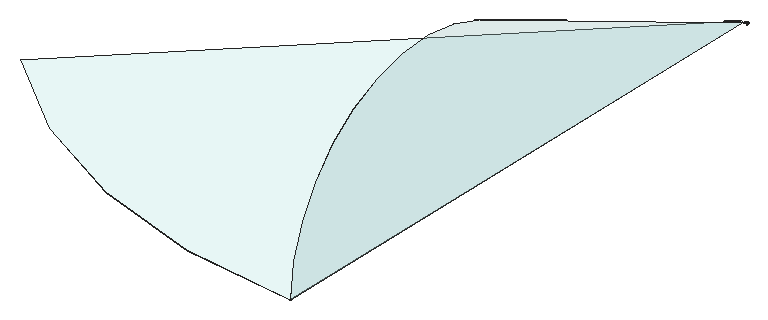
Revit family "Rotor XLR Series - XLR24NPT", category Acessórios do tubo, Revit 2020
Family settings
  Cota do conector redondo = Utilizar diâmetro
  Tipo de parte = Normal
  Número OmniClass = 23.60.30.11.14
  Título OmniClass = Pipework Fittings
  Com base no plano de trabalho = Não
  Sempre na vertical = Sim
  Corte com vazios quando carregada = Não
  Compartilhado = Não
Parameters (values of type "Nozzle 1.10")
  Water = Water
  URL = "https://www.rainbird.com/"
  TABLE 90 = "TABLE 90psi"
  TABLE 80 = "TABLE 80psi"
  TABLE 60 = "TABLE 60psi"
  TABLE 70 = "TABLE 70psi"
  TABLE 50 = "TABLE 50psi"
  TABLE 40 = "TABLE 40psi"
  TABLE 30 = "TABLE 30psi"
  TABLE 120 = "TABLE 120psi"
  TABLE 110 = "TABLE 110psi"
  TABLE 100 = "TABLE 100psi"
  SupportProjetos: Reviw Date = ""  # constant formula
  SupportProjetos: Reviw = "R00"  # constant formula
  SupportProjetos: Level of Detail = "LOD 300"  # constant formula
  SupportProjetos: Developed = "MICHEL SOARES MOTA"  # constant formula
  SupportProjetos: Creation Date = "14/08/2020"  # constant formula
  Side inlet = no
  Rotation Water Visibility [instance] = Pop up on  # yes
  Rotation Angle [instance] = 45.00°
  RainBird: Product Link = "https://www.rainbird.com/"
  RainBird: Description = "XLR24NPT Rotor "  # constant formula
  RainBird: Comment [instance] = ""
  RainBird: Code = "XLR24NPT"  # constant formula
  Radius [instance] = if(and(Pressure = 30.0 psi, Instance < 10 ft), size_lookup(TABLE 30, "Radius", 0 ft, Instance), if(and(Pressure = 40.0 psi, Instance < 19 ft), size_lookup(TABLE 40, "Radius", 0 ft, Instance), if(and(Pressure = 50.0 psi, Instance < 19 ft), size_lookup(TABLE 50, "Radius", 0 ft, Instance), if(and(Pressure = 60.0 psi, Instance < 19 ft), size_lookup(TABLE 60, "Radius", 0 ft, Instance), if(and(Pressure = 70.0 psi, Instance < 19 ft), size_lookup(TABLE 70, "Radius", 0 ft, Instance), if(and(Pressure = 80.0 psi, Instance < 19 ft), size_lookup(TABLE 80, "Radius", 0 ft, Instance), if(and(Pressure = 90.0 psi, Instance < 19 ft), size_lookup(TABLE 90, "Radius", 0 ft, Instance), if(and(Pressure = 100.0 psi, Instance < 19 ft), size_lookup(TABLE 100, "Radius", 0 ft, Instance), if(and(Pressure = 110.0 psi, Instance < 19 ft), size_lookup(TABLE 100, "Radius", 0 ft, Instance), if(and(Pressure = 120.0 psi, Instance > 10 ft), size_lookup(TABLE 120, "Radius", 0 ft, Instance), 0 ft))))))))))  # 104 ft
  RT = 0.009893 ft
  RN = 0.044578 ft
  R5 = 0.03937 ft
  R4 = 0.052124 ft
  R3 = 0.065617 ft
  R2 = 0.088998 ft
  R1 = 0.032808 ft
  Pressure [instance] = 30.0 psi
  Pop up height = 0.164042 ft
  Pop up on [instance] = yes
  Modelo = "XLR24NPT"  # constant formula
  Instance = 9 ft
  H1 = Body height / 3  # 0.047351 ft
  Gray Plastic = Gray Plastic
  Flow [instance] = if(and(Pressure = 30.0 psi, Instance < 10 ft), size_lookup(TABLE 30, "Flow", 0.0 GPM, Instance), if(and(Pressure = 40.0 psi, Instance < 19 ft), size_lookup(TABLE 40, "Flow", 0.0 GPM, Instance), if(and(Pressure = 50.0 psi, Instance < 19 ft), size_lookup(TABLE 50, "Flow", 0.0 GPM, Instance), if(and(Pressure = 60.0 psi, Instance < 19 ft), size_lookup(TABLE 60, "Flow", 0.0 GPM, Instance), if(and(Pressure = 70.0 psi, Instance < 19 ft), size_lookup(TABLE 70, "Flow", 0.0 GPM, Instance), if(and(Pressure = 80.0 psi, Instance < 19 ft), size_lookup(TABLE 80, "Flow", 0.0 GPM, Instance), if(and(Pressure = 90.0 psi, Instance < 19 ft), size_lookup(TABLE 90, "Flow", 0.0 GPM, Instance), if(and(Pressure = 100.0 psi, Instance < 19 ft), size_lookup(TABLE 100, "Flow", 0.0 GPM, Instance), if(and(Pressure = 110.0 psi, Instance < 19 ft), size_lookup(TABLE 100, "Flow", 0.0 GPM, Instance), if(and(Pressure = 120.0 psi, Instance > 10 ft), size_lookup(TABLE 120, "Flow", 0.0 GPM, Instance), 0.0 GPM))))))))))  # 189.0 GPM
  Fabricante = "Rain Bird"
  Elevação padrão = 0 ft
  Description = RainBird: Description  # "XLR24NPT Rotor "
  DD13 = 0.002625 ft
  DD12 = 0.003937 ft
  DD11 = 0.009897 ft
  DD10 = 0.016404 ft
  DD8 [instance] = if(Pop up on, Pop up height, 0 ft)  # 0.164042 ft
  DD7 = 0.019685 ft
  DD6 [instance] = 0.016404 ft
  DD5 = 0.065617 ft
  DD4 = 0.82021 ft
  DD3 = 0.044055 ft
  DD2 [instance] = 0.024514 ft
  DD9 [instance] = if(Pop up on, Pop up height + 0.049541 ft, 0.026247 ft)  # 0.213583 ft
  DD1 = 0.006562 ft
  DD = 0.492126 ft
  Conection = 0.062664 ft  # constant formula
  Cobre = Cobre
  Body height = 0.142054 ft
  Blue = Blue Plastic
  Black Plastic = Black Plastic
  Angle = 24.00°
Types (10, lengths in ft): name | Radius | Instance | Flow | Angle
  (no name) | 104 | 9 | 189.0 GPM | 24.00°
  Nozzle 0.47 | 81 | 1 | 35.0 GPM | 25.00°
  Nozzle 0.55 | 88 | 2 | 48.0 GPM | 25.00°
  Nozzle 0.63 | 96 | 3 | 62.0 GPM | 25.00°
  Nozzle 0.71 | 98 | 4 | 78.0 GPM | 25.00°
  Nozzle 0.79 | 99 | 5 | 97.0 GPM | 25.00°
  Nozzle 0.87 | 101 | 6 | 117.0 GPM | 25.00°
  Nozzle 0.94 | 102 | 7 | 139.0 GPM | 25.00°
  Nozzle 1.02 | 103 | 8 | 164.0 GPM | 25.00°
  Nozzle 1.10 | 104 | 9 | 189.0 GPM | 24.00°
Reference planes (ft)
  plane 1 "Centro (Frente/Trás)": y = 0
  plane 2: z = 0
  plane 3 "Centro (Esquerda/Direita)": x = 0
  plane 4: z = 0.003937
  plane 5: z = 0.002625
  plane 6: y = -0.065617
Forms (ft)
  Revolve 1, solid, material "Cobre" <- "Cobre"
    sketch origin (0, 0, 0) x (1, 0, 0) y (0, 0, 1)
      loop
        line (0.088998, -0.044055) -> (0.088998, -0.016154) -> (0.110538, -0.016154) -> (0.110538, 0.02344)
        arc (0.110538, 0.02344) -> (0.108361, 0.028697) -> (0.103103, 0.030875) r 0.007435
        line (0.103103, 0.030875) -> (0.088998, 0.030875) -> (0.088998, 0.041745) -> (0.075211, 0.041745) -> (0.075211, 0.046088) -> (0.006562, 0.046088) -> (0.006562, -0.044055) -> (0.03937, -0.044055) -> (0.03937, -0.051181) -> (0.019685, -0.051181) -> (0.019685, -0.138545) -> (0.044578, -0.138545) -> (0.044578, -0.142054) -> (0.052124, -0.142054) -> (0.052124, -0.138545) -> (0.073088, -0.138545)
        arc (0.073088, -0.138545) -> (0.080084, -0.135647) -> (0.082981, -0.128652) r 0.009893
        line (0.082981, -0.128652) -> (0.082981, -0.044055) -> (0.088998, -0.044055)
      axis (0, -0.142054) -> (0, 0.046088)
    angle from 0 to 360
  Extrusion 2, solid, material "Water" <- "Water", visible <- "Rotation Water Visibility"
    sketch origin (0, 0, 0) x (0, 1, 0) y (0, 0, 1)
      loop
        line (-0.82021, 0.494751) -> (-61.375696, 27.45579)
        arc (-61.375696, 27.45579) -> (-90.239007, 25.482231) -> (-104.82021, 0.494751) r 30.901722
        line (-104.82021, 0.494751) -> (-0.82021, 0.494751)
    from -0.008202 to 0.008202
  Extrusion 3, solid, material "Gray Plastic" <- "Gray Plastic", visible <- "Pop up on"
    sketch origin (-0.00137, -0.002795, -0.035698) x (-0.00469, 0.999989, 0) y (0, 0, 1)
      loop
        line (-0.060666, 0.164299) -> (-0.067193, 0.150302) -> (-0.091523, 0.174632) -> (-0.076533, 0.180087) -> (-0.173316, 0.23824) -> (-0.173316, 0.217407) -> (-0.777521, 0.499153) -> (-0.786354, 0.485017)
        arc (-0.786354, 0.485017) -> (-0.787942, 0.475525) -> (-0.782353, 0.46769) r 0.012575
        line (-0.782353, 0.46769) -> (-0.563338, 0.330834) -> (-0.571008, 0.316408) -> (-0.564625, 0.307292)
        arc (-0.564625, 0.307292) -> (-0.552881, 0.296049) -> (-0.537729, 0.290157) r 0.041667
        line (-0.537729, 0.290157) -> (-0.503282, 0.284083) -> (-0.499035, 0.292071) -> (-0.201965, 0.134116) -> (-0.233075, 0.094297) -> (-0.213694, 0.081224) -> (-0.155969, 0.155109)
        arc (-0.155969, 0.155109) -> (-0.142811, 0.162859) -> (-0.127902, 0.159554) r 0.020833
        line (-0.127902, 0.159554) -> (-0.062866, 0.115687) -> (-0.062866, 0.094673) -> (-0.085994, 0.088245) -> (-0.070938, 0.081224) -> (0.037968, 0.081224) -> (0.040501, 0.065363) -> (0.040501, 0.035698) -> (0.04524, 0.035698) -> (0.050298, 0.081224) -> (0.050298, 0.100559) -> (0.072978, 0.106863)
        arc (0.072978, 0.106863) -> (0.078924, 0.117387) -> (0.068401, 0.123333) r 0.008547
        line (0.068401, 0.123333) -> (0.050298, 0.110657) -> (0.050298, 0.157737)
        arc (0.050298, 0.157737) -> (0.048376, 0.162377) -> (0.043737, 0.164299) r 0.006562
        line (0.043737, 0.164299) -> (-0.060666, 0.164299)
      loop
        line (-0.034211, 0.143466) -> (-0.034211, 0.125376) -> (-0.014598, 0.11623) -> (0.01821, 0.11623) -> (0.040501, 0.108117) -> (0.040501, 0.143466) -> (-0.034211, 0.143466)
      loop
        line (-0.034211, 0.107286) -> (-0.014889, 0.094253) -> (0.040501, 0.094253) -> (0.040501, 0.104202) -> (0.016551, 0.106863) -> (-0.016257, 0.106863) -> (-0.034211, 0.118973) -> (-0.034211, 0.107286)
      loop
        line (-0.489598, 0.297212) -> (-0.199671, 0.149812) -> (-0.182085, 0.167398)
        arc (-0.182085, 0.167398) -> (-0.179498, 0.175243) -> (-0.184266, 0.18199) r 0.009177
        line (-0.184266, 0.18199) -> (-0.471989, 0.334974) -> (-0.489598, 0.297212)
    from -0.012219 to 0.012755
  Blend 4, solid, material "Gray Plastic" <- "Gray Plastic"
    base sketch origin (0, 0, 0.06238) x (1, 0, 0) y (0, 0, 1)
      loop
        circle (-0.001423, 0.087635) r 0.041667
    top sketch origin (0, 0, 0.06238) x (1, 0, 0) y (0, 0, 1)
      loop
        circle (0.000866, 0.336735) r 0.028016
    from 0 to 0.579976
  Extrusion 5, solid, material "Black Plastic" <- "Black Plastic"
    sketch origin (0, 0, 0) x (0, 1, 0) y (0, 0, 1)
      loop
        line (-0.579976, 0.3711) -> (-0.579976, 0.426781) -> (-0.609736, 0.440658) -> (-0.644818, 0.440658) -> (-0.696216, 0.454431) -> (-0.70502, 0.435549) -> (-0.648376, 0.409136) -> (-0.579976, 0.3711)
      loop
        line (-0.780261, 0.463406) -> (-0.726759, 0.438458) -> (-0.737248, 0.463167) -> (-0.776875, 0.476043) -> (-0.780261, 0.463406)
    from -0.0135 to 0.012198
  Extrusion 6, solid, material "Black Plastic" <- "Black Plastic"
    sketch origin (0, 0, 0) x (1, 0, 0) y (0, 1, 0)
      loop
        line (-0.048613, 0.053206) -> (-0.048613, -0.057819) -> (0.046082, -0.057819) -> (0.046082, 0.053206) -> (-0.048613, 0.053206)
      loop
        line (-0.013931, 0.047562) -> (-0.013931, -0.04228) -> (0.011642, -0.04228) -> (0.011642, 0.047562) -> (-0.013931, 0.047562)
    from 0.107768 to 0.175306
Dimensions and locks (ft)
  "Body height": level to Revolve 1 sketch curve
  "R2": Revolve 1 sketch curve to plane 3 "Centro (Esquerda/Direita)"
  "DD3": level to Revolve 1 sketch curve
  Revolve 1 sketch curve to plane 3 "Centro (Esquerda/Direita)" = 0.082981 ft
  "R4": Revolve 1 sketch curve to plane 3 "Centro (Esquerda/Direita)"
  "RN": Revolve 1 sketch curve to plane 3 "Centro (Esquerda/Direita)"
  "DD7": Revolve 1 sketch curve to plane 3 "Centro (Esquerda/Direita)"
  "DD12": plane 4 to level
  "DD13": plane 5 to level
  "R3": plane 6 to plane 1 "Centro (Frente/Trás)"
  "DD4": plane 1 "Centro (Frente/Trás)" to Extrusion 2 sketch curve
  "Radius": Extrusion 2 sketch curve to Extrusion 2 sketch curve
  equal spacing: Extrusion 2, plane 3 "Centro (Esquerda/Direita)", Extrusion 2
  "DD6": Extrusion 2 to Extrusion 2
  "DD": Extrusion 2 sketch curve to plane 5
  "RT": radius of Revolve 1 sketch curve
  "Angle": angle Extrusion 2 sketch curve to Extrusion 2 sketch curve
  aligned and locked: level to plane 2
  aligned and locked: Revolve 1 sketch curve to Revolve 1 sketch curve
Automatic sketch dimensions
  Blend 4 sketch curve to plane 3 "Centro (Esquerda/Direita)" = 0.001423 ft
  plane 4 to Blend 4 sketch curve = 0.146078 ft
  plane 3 "Centro (Esquerda/Direita)" to Blend 4 sketch curve = 0.000866 ft
  plane 4 to Blend 4 sketch curve = 0.395179 ft
  Extrusion 5 sketch curve to plane 6 = 0.711258 ft
  Extrusion 5 sketch curve to Extrusion 5 sketch curve = 0.039627 ft
  Extrusion 5 sketch curve to Extrusion 5 sketch curve = 0.032227 ft
  plane 4 to Extrusion 5 sketch curve = 0.450494 ft
  Extrusion 5 sketch curve to Extrusion 5 sketch curve = 0.008805 ft
  Extrusion 5 sketch curve to Extrusion 5 sketch curve = 0.056644 ft
  Extrusion 5 sketch curve to Extrusion 5 sketch curve = 0.003558 ft
  Extrusion 5 sketch curve to Extrusion 5 sketch curve = 0.035082 ft
  Extrusion 5 sketch curve to Extrusion 5 sketch curve = 0.02976 ft
  Extrusion 5 sketch curve to Extrusion 5 sketch curve = 0.013772 ft
  Extrusion 5 sketch curve to Extrusion 5 sketch curve = 0.018881 ft
  Extrusion 5 sketch curve to Extrusion 5 sketch curve = 0.013877 ft
  Extrusion 5 sketch curve to Extrusion 5 sketch curve = 0.055681 ft
  Extrusion 5 sketch curve to Extrusion 5 sketch curve = 0.008737 ft
  Extrusion 5 sketch curve to Extrusion 5 sketch curve = 0.012876 ft
  Extrusion 5 sketch curve to Extrusion 5 sketch curve = 0.003386 ft
  Extrusion 5 sketch curve to Extrusion 5 sketch curve = 0.021739 ft
  Extrusion 5 sketch curve to Extrusion 5 sketch curve = 0.002909 ft
  Extrusion 5 sketch curve to Extrusion 5 sketch curve = 0.012637 ft
  level to Extrusion 3 sketch curve = 0 ft
  plane 4 to Extrusion 3 sketch curve = 0.445383 ft
  plane 4 to Extrusion 3 sketch curve = 0.428055 ft
  Extrusion 3 sketch curve to Extrusion 3 sketch curve = 0.004 ft
  plane 4 to Extrusion 3 sketch curve = 0.459518 ft
  Extrusion 3 sketch curve to Extrusion 3 sketch curve = 0.008833 ft
  Extrusion 3 sketch curve to Extrusion 3 sketch curve = 0.010664 ft
  plane 4 to Extrusion 3 sketch curve = 0.276773 ft
  Extrusion 3 sketch curve to Extrusion 3 sketch curve = 0.211345 ft
  plane 4 to Extrusion 3 sketch curve = 0.267657 ft
  Extrusion 3 sketch curve to Extrusion 3 sketch curve = 0.006383 ft
  plane 4 to Extrusion 3 sketch curve = 0.291199 ft
  Extrusion 3 sketch curve to Extrusion 3 sketch curve = 0.00767 ft
  plane 4 to Extrusion 3 sketch curve = 0.250523 ft
  Extrusion 3 sketch curve to Extrusion 3 sketch curve = 0.026896 ft
  Extrusion 3 sketch curve to Extrusion 3 sketch curve = 0.032844 ft
  plane 4 to Extrusion 3 sketch curve = 0.244449 ft
  Extrusion 3 sketch curve to Extrusion 3 sketch curve = 0.034447 ft
  plane 4 to Extrusion 3 sketch curve = 0.252436 ft
  Extrusion 3 sketch curve to Extrusion 3 sketch curve = 0.004247 ft
  plane 4 to Extrusion 3 sketch curve = 0.257577 ft
  Extrusion 3 sketch curve to Extrusion 3 sketch curve = 0.009437 ft
  plane 4 to Extrusion 3 sketch curve = 0.29534 ft
  Extrusion 3 sketch curve to Extrusion 3 sketch curve = 0.017609 ft
  plane 4 to Extrusion 3 sketch curve = 0.054662 ft
  Extrusion 3 sketch curve to Extrusion 3 sketch curve = 0.256523 ft
  plane 4 to Extrusion 3 sketch curve = 0.041589 ft  (x2)
  Extrusion 3 sketch curve to Extrusion 3 sketch curve = 0.019381 ft
  plane 4 to Extrusion 3 sketch curve = 0.094481 ft
  plane 4 to Extrusion 3 sketch curve = 0.110178 ft
  Extrusion 3 sketch curve to Extrusion 3 sketch curve = 0.002294 ft
  Extrusion 3 sketch curve to Extrusion 3 sketch curve = 0.011097 ft
  plane 4 to Extrusion 3 sketch curve = 0.142355 ft
  Extrusion 3 sketch curve to Extrusion 3 sketch curve = 0.004308 ft
  plane 4 to Extrusion 3 sketch curve = 0.127763 ft
  Extrusion 3 sketch curve to Extrusion 3 sketch curve = 0.006489 ft
  Extrusion 3 sketch curve to Extrusion 3 sketch curve = 0.01095 ft
  plane 4 to Extrusion 3 sketch curve = 0.115474 ft
  Extrusion 3 sketch curve to Extrusion 3 sketch curve = 0.026117 ft
  Extrusion 3 sketch curve to Extrusion 3 sketch curve = 0.016417 ft
  plane 4 to Extrusion 3 sketch curve = 0.119919 ft
  Extrusion 3 sketch curve to Extrusion 3 sketch curve = 0.01165 ft
  plane 4 to Extrusion 3 sketch curve = 0.134997 ft
  Extrusion 3 sketch curve to Extrusion 3 sketch curve = 0.036379 ft
  plane 4 to Extrusion 3 sketch curve = 0.04861 ft
  Extrusion 3 sketch curve to Extrusion 3 sketch curve = 0.053557 ft
  plane 4 to Extrusion 3 sketch curve = 0.140453 ft
  Extrusion 3 sketch curve to Extrusion 3 sketch curve = 0.01499 ft
  Extrusion 3 sketch curve to Extrusion 3 sketch curve = 0.015057 ft
  plane 4 to Extrusion 3 sketch curve = 0.110667 ft
  Extrusion 3 sketch curve to Extrusion 3 sketch curve = 0.00934 ft
  plane 4 to Extrusion 3 sketch curve = 0.055039 ft
  Extrusion 3 sketch curve to Extrusion 3 sketch curve = 0.008072 ft
  plane 4 to Extrusion 3 sketch curve = 0.124664 ft
  Extrusion 3 sketch curve to Extrusion 3 sketch curve = 0.006527 ft
  plane 4 to Extrusion 3 sketch curve = 0.067651 ft
  Extrusion 3 sketch curve to Extrusion 3 sketch curve = 0.028655 ft
  Extrusion 3 sketch curve to Extrusion 3 sketch curve = 0 ft  (x3)
  plane 4 to Extrusion 3 sketch curve = 0.067228 ft  (x2)
  Extrusion 3 sketch curve to Extrusion 3 sketch curve = 0.017953 ft
  Extrusion 3 sketch curve to Extrusion 3 sketch curve = 0.001369 ft
  Extrusion 3 sketch curve to Extrusion 3 sketch curve = 0.001659 ft  (x2)
  Extrusion 3 sketch curve to Extrusion 3 sketch curve = 0.031149 ft
  Extrusion 3 sketch curve to Extrusion 3 sketch curve = 0.021417 ft
  plane 4 to Extrusion 3 sketch curve = 0.025729 ft
  Extrusion 3 sketch curve to Extrusion 3 sketch curve = 0.002534 ft  (x2)
  Extrusion 3 sketch curve to Extrusion 3 sketch curve = 0.022291 ft
  Extrusion 3 sketch curve to Extrusion 3 sketch curve = 0.003235 ft
  Extrusion 3 sketch curve to Extrusion 3 sketch curve = 0.004739 ft
  plane 4 to Extrusion 3 sketch curve = 0.071023 ft
  Extrusion 3 sketch curve to Extrusion 3 sketch curve = 0.009797 ft
  plane 4 to Extrusion 3 sketch curve = 0.060925 ft
  plane 4 to Extrusion 3 sketch curve = 0.083698 ft
  Extrusion 3 sketch curve to Extrusion 3 sketch curve = 0.018102 ft
  Extrusion 3 sketch curve to Extrusion 3 sketch curve = 0.002289 ft  (x2)
  Extrusion 3 sketch curve to Extrusion 3 sketch curve = 0.006306 ft
  Extrusion 3 sketch curve to Extrusion 3 sketch curve = 0.009949 ft
  Extrusion 3 sketch curve to Extrusion 3 sketch curve = 0.003915 ft
  Extrusion 3 sketch curve to Extrusion 3 sketch curve = 0.021013 ft
  Extrusion 3 sketch curve to Extrusion 3 sketch curve = 0.009367 ft
  Extrusion 3 sketch curve to Extrusion 3 sketch curve = 0.011687 ft
  Extrusion 3 sketch curve to Extrusion 3 sketch curve = 0.006403 ft
  Extrusion 3 sketch curve to Extrusion 3 sketch curve = 0.01809 ft
  Extrusion 3 sketch curve to Extrusion 3 sketch curve = 0.035417 ft
  Extrusion 3 sketch curve to Extrusion 3 sketch curve = 0.020833 ft
  plane 6 to Extrusion 6 sketch curve = 0.007798 ft
  Extrusion 6 sketch curve to plane 3 "Centro (Esquerda/Direita)" = 0.048613 ft
  Extrusion 6 sketch curve to plane 3 "Centro (Esquerda/Direita)" = 0.013931 ft
  plane 3 "Centro (Esquerda/Direita)" to Extrusion 6 sketch curve = 0.011642 ft
  Extrusion 6 sketch curve to Extrusion 6 sketch curve = 0.034439 ft
  plane 6 to Extrusion 6 sketch curve = 0.023337 ft
  Extrusion 6 sketch curve to plane 1 "Centro (Frente/Trás)" = 0.047562 ft
  Extrusion 6 sketch curve to Extrusion 6 sketch curve = 0.005644 ft
  Revolve 1 sketch curve to plane 3 "Centro (Esquerda/Direita)" = 0 ft
  plane 3 "Centro (Esquerda/Direita)" to Revolve 1 sketch curve = 0.006562 ft
  Revolve 1 sketch curve to Revolve 1 sketch curve = 0.019685 ft
  Revolve 1 sketch curve to Revolve 1 sketch curve = 0.013787 ft  (x2)
  Revolve 1 sketch curve to Revolve 1 sketch curve = 0.014105 ft
  Revolve 1 sketch curve to Revolve 1 sketch curve = 0.007435 ft
  Revolve 1 sketch curve to Revolve 1 sketch curve = 0.003509 ft
  Revolve 1 sketch curve to level = 0.051181 ft
  Revolve 1 sketch curve to Revolve 1 sketch curve = 0.007127 ft
  Revolve 1 sketch curve to level = 0.016154 ft
  plane 4 to Revolve 1 sketch curve = 0.019503 ft
  Revolve 1 sketch curve to Revolve 1 sketch curve = 0.010871 ft
  Revolve 1 sketch curve to Revolve 1 sketch curve = 0.004343 ft
  Revolve 1 sketch curve to Revolve 1 sketch curve = 0.074191 ft
  Revolve 1 sketch curve to Revolve 1 sketch curve = 0.918635 ft
  Extrusion 2 sketch curve to level = 0.774337 ft
  radius of Blend 4 sketch curve = 0.041667 ft
  radius of Blend 4 sketch curve = 0.028016 ft
Nested families (ft)
  nested 1: "Water" at (0.00015, 0, 0.375492) x (0, -1, 0) z (0, 0, 1), DT9 <- "DD4", Radius <- "Radius", visible <- "Rotation Water Visibility", Rotation Angle <- "Rotation Angle", type "Water"
    with Rotation Angle 45.00°, Radius 104 ft, DT9 0.82021 ft, DT8 0 ft, DT7 416 ft, DT4 520 ft, Angle 2 315.00°
Connectors (ft)
  piping at (0, 0, -0.142054), diameter 2
    settings: on Revolve 1, index 1, connector inside diameter 609.6 mm, connector length 0 ft, flow factor 0, pipe flow 0.0 GPM, pressure drop 0.0 psi, fitting loss kfactor 0, connector angle 0.00°, fixture units 0, engagement length 0 ft, angle of deflection 0.00°, flow configuration 0, flow direction 0, fitting loss method 0, system type 28, joint type 0, gender type 0, connector reference index -1, connector utility 0, adjustable connector no, is connector primary yes, connector description ""
Definition of nested family "Water"
  Parameters (values of type "Water")
    Water Visibility (Circle) = yes
    Water = none
    URL = ""
    SupportProjetos: Reviw Date = ""  # constant formula
    SupportProjetos: Level of Detail = "LOD 300"  # constant formula
    SupportProjetos: Developed = "MICHEL SOARES MOTA"  # constant formula
    SupportProjetos: Creation Date = "16/07/2020"  # constant formula
    Rotation Angle [instance] = 90.00°
    Reviw = "R00"  # constant formula
    Radius [instance] = 14 ft
    Model = ""
    Default Elevation = 4 ft
    Description = ""
    DT9 [instance] = 0.032808 ft
    DT8 [instance] = if(Rotation Angle = 360.00°, 10 ft, 0 ft)  # 0 ft
    DT7 [instance] = 4 * Radius  # 56 ft
    DT4 [instance] = 5 * Radius  # 70 ft
    DT2 = 0.098425 ft  # constant formula
    DT6 = 0 ft
    Angle 2 [instance] = if(Rotation Angle = 360.00°, 180.00°, 360.00° - Rotation Angle)  # 270.00°
  Reference planes (ft)
    plane 1 "Centro (Frente/Trás)": y = 0
    plane 2: z = 0
    plane 3 "Centro (Esquerda/Direita)": x = 0
  Forms (ft)
    Revolve 1, solid, material <- "Water", visible <- "Water Visibility (Circle)"
      sketch origin (0, 0, 0) x (1, 0, 0) y (0, 0, 1)
        loop
          line (0.032808, 0.098425) -> (14.032808, 0.098425) -> (14.032808, 0.119259) -> (0.032808, 0.119259) -> (0.032808, 0.098425)
        axis (0, 0.098425) -> (0, 0.119259)
      angle from 0 to 360
    Extrusion 2, void
      sketch origin (0, 0, 0) x (1, 0, 0) y (0, 1, 0)
        loop
          line (0, 0) -> (70, 0) -> (70, 56)
          arc (70, 56) -> (-70.459018, 51.588344) -> (0, -70) r 81.847109
          line (0, -70) -> (0, 0)
      from 0 to 15.189231
  Cuts and joins
    Extrusion 2 cuts Revolve 1
  Dimensions and locks (ft)
    "DT2": Revolve 1 sketch curve to level
    "DT4": Extrusion 2 sketch curve to Extrusion 2 sketch curve  (x2)
    "DT6": Extrusion 2 sketch curve to plane 3 "Centro (Esquerda/Direita)"
    "DT7": Extrusion 2 sketch curve to Extrusion 2 sketch curve
    "DT8": cut or joined group of Revolve 1, Extrusion 2 to level
    "Radius": Revolve 1 sketch curve to Revolve 1 sketch curve
    "DT9": Revolve 1 sketch curve to plane 3 "Centro (Esquerda/Direita)"
    "Angle 2": angle Extrusion 2 sketch curve to Extrusion 2 sketch curve
    aligned and locked: level to plane 2
    aligned and locked: plane 1 "Centro (Frente/Trás)" to Extrusion 2 sketch curve
  Automatic sketch dimensions
    plane 3 "Centro (Esquerda/Direita)" to Extrusion 2 sketch curve = 1.088227 ft
    Revolve 1 sketch curve to plane 3 "Centro (Esquerda/Direita)" = 0 ft
    Revolve 1 sketch curve to Revolve 1 sketch curve = 0.020833 ft
    Revolve 1 sketch curve to Revolve 1 sketch curve = 0.032113 ft
    Revolve 1 sketch curve to Revolve 1 sketch curve = 10.2693 ft
